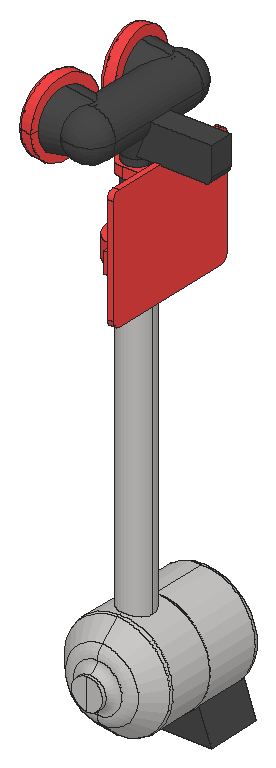
Revit family "Emergency_Equipment-Tepid-Swing_Down_Eye_Face_Wash-S2550", category Plumbing Fixtures, Revit 2016
Family settings
  Part Type = Normal
  Round Connector Dimension = Use Diameter
  OmniClass Number = 23.45.05.14.24
  OmniClass Title = Eye Wash Fountains
  Work Plane-Based = Yes
  Always vertical = No
  Cut with Voids When Loaded = No
  Shared = No
  Room Calculation Point = No
Parameters (values of type "S2550-NP-NFT")
  nsd [instance] = not([Swing Over / Actuate])  # no
  Width = 0' - 4 77/256"  # constant formula
  Waste Connection = no
  Version = "2016-v1.0a"  # constant formula
  Vent Connection = no
  URL = "www.tepid.com"
  Swing Over / Actuate [instance] = yes
  Product Page URL = "http://www.tepid.com/products/s2550-np-nft-nana/"
  Product Name = "Wall Mounted Swing Down Eyewash"  # constant formula
  Product Documentation Link = "http://www.tepid.com/wp-content/uploads/SpSh-S2250S2550.pdf"
  Pipe Finish = Metal - Stingray - Stainless Steel SS
  Model = "S2550-NP-NFT"
  Manufacturer Phone Number = "(888) 445-4142"  # constant formula
  Manufacturer Email = "customerservice@drenchshower.com"
  Manufacturer Address = "5330 East 25th Street Indianapolis Indiana 46218"  # constant formula
  Manufacturer = "Stingray Systems"  # constant formula
  Length = 1' - 3"  # constant formula
  Supply Connection = 1/2"  # constant formula
  Height = 1' - 2 179/256"  # constant formula
  HW Connection = yes
  Filter = no
  Dimension Disclaimer = "Dimensions are ±0.50”. Design and specifications are subject to change without notice."  # constant formula
  Description = "Swing Down Eyewash"  # constant formula
  Default Elevation = 4' - 0"
  Copyright = "© 2018 Stingray Systems"  # constant formula
  CW Connection = yes
  Angle [instance] = if([Swing Over / Actuate], 0.00°, 90.00°)  # 0.00°
Types (3): name | Model | Filter
  (no name) | "S2550-NP-NFT" | no
  S2550-NP-NFT | "S2550-NP-NFT" | no
  S2550-NP-FLT | "S2550-NP-FLT" | yes
Reference planes (in)
  plane 1 "Center (Front/Back)": y = 0
  plane 2: z = 0
  plane 3 "Center (Left/Right)": x = 0
  plane 4: y = 2.125
  plane 5: y = -2.125
  plane 6 "B": x = -2.1875
  plane 7 "T": x = 1.3125
  plane 8 "E": z = 13.87109
  plane 9 "C": z = 1.67188
  plane 10 "M": x = -22.1875
  plane 11: y = 2.17578
  plane 12: z = 14.69922
Forms (in)
  Extrusion 1, solid, material "Metal - Stingray - Epoxy Coated EP"
    sketch origin (0, 0, 0) x (1, 0, 0) y (0, 0, 1)
      loop
        line (1.3125, 0) -> (0.98438, 0.90149)
        arc (0.98438, 0.90149) -> (0, 0.42188) -> (-0.98438, 0.90149) r 1.25
        line (-0.98438, 0.90149) -> (-1.3125, 0) -> (1.3125, 0)
    from 0 to -1.35103
  Revolve 2, solid, material "Metal - Stingray - Stainless Steel SS" <- "Pipe Finish"
    sketch origin (0, 0, 0) x (0, 1, 0) y (0, 0, 1)
      loop
        line (-0.06386, 1.67187) -> (1.45575, 1.67187) -> (1.45575, 2.86447)
        arc (1.45575, 2.86447) -> (1.42148, 2.9472) -> (1.33876, 2.98146) r 0.11699
        line (1.33876, 2.98146) -> (-0.06386, 2.98146) -> (-0.06386, 1.67187)
      axis (1.45575, 1.67187) -> (-0.06386, 1.67187)
    angle from 0 to 360
Lines and regions (in)
  Masking region 1, visible <- "Swing Over / Actuate", detail levels medium+fine
    outline origin (-22.1875, 0, 0) x (0, 0, -1) y (0, -1, 0)
      loop
        line (-0.35937, -1.46819) -> (-0.35937, 1.21989) -> (-0.78072, 1.70254)
        arc (-0.78072, 1.70254) -> (-0.91524, 1.79752) -> (-1.07546, 1.83552) r 0.43385
        arc (-1.07546, 1.83552) -> (-1.22973, 1.9052) -> (-1.29286, 2.06226) r 0.22693
        line (-1.29286, 2.06226) -> (-1.29286, 2.12326) -> (-2.05089, 2.12326) -> (-2.05089, 2.06226)
        arc (-2.05089, 2.06226) -> (-2.11402, 1.9052) -> (-2.26829, 1.83552) r 0.22693
        arc (-2.26829, 1.83552) -> (-2.43824, 1.79298) -> (-2.57811, 1.68721) r 0.43385
        line (-2.57811, 1.68721) -> (-2.98438, 1.21985) -> (-2.98438, 1.07565) -> (-10.30174, 1.07565) -> (-10.30174, 1.14185) -> (-10.60905, 1.14185) -> (-10.60905, 1.58333) -> (-11.12109, 1.58333) -> (-11.12109, 1.14185) -> (-11.97262, 1.14185) -> (-11.97262, 0.97105) -> (-12.49018, 0.97105) -> (-12.49018, 1.07809) -> (-12.7432, 1.07809) -> (-12.7432, 0.97105) -> (-12.92104, 0.97105) -> (-13.23356, 1.0848)
        arc (-13.23356, 1.0848) -> (-13.86635, 2.74002) -> (-14.47205, 1.0747) r 0.94565
        line (-14.47205, 1.0747) -> (-14.47205, 0.21895)
        arc (-14.47205, 0.21895) -> (-13.85791, -1.4464) -> (-13.24631, 0.21989) r 0.94565
        line (-13.24631, 0.21989) -> (-12.90446, 0.34431) -> (-12.7432, 0.34431) -> (-12.7432, 0.23728) -> (-12.49018, 0.23728) -> (-12.49018, 0.34431) -> (-11.97262, 0.34431) -> (-11.97262, 0.17351) -> (-11.12109, 0.17351) -> (-11.12109, -0.26797) -> (-10.60905, -0.26797) -> (-10.60905, 0.17351) -> (-10.30174, 0.17351) -> (-10.30174, 0.24752) -> (-2.98438, 0.24752) -> (-2.98438, -1.46819) -> (-0.35937, -1.46819)
  Masking region 2, visible <- "Swing Over / Actuate", detail levels coarse
    outline origin (-22.1875, 0, 0) x (0, 0, -1) y (0, -1, 0)
      loop
        line (-0.35937, -1.46819) -> (-0.35937, 1.22884) -> (-1.25379, 2.12326) -> (-2.20687, 2.12326) -> (-2.98438, 1.22884) -> (-2.98438, 1.07565) -> (-12.91298, 1.07565) -> (-12.91298, 1.7944)
        arc (-12.91298, 1.7944) -> (-13.85863, 2.74005) -> (-14.80428, 1.7944) r 0.94565
        line (-14.80428, 1.7944) -> (-14.80428, -0.50075)
        arc (-14.80428, -0.50075) -> (-13.85863, -1.4464) -> (-12.91298, -0.50075) r 0.94565
        line (-12.91298, -0.50075) -> (-12.91298, 0.24752) -> (-2.98438, 0.24752) -> (-2.98438, -1.46819) -> (-0.35937, -1.46819)
  Masking region 3, visible <- "nsd"
    outline origin (0, 0, 0) x (0, 1, 0) y (0, 0, 1)
      loop
        line (1.46819, 0.35937) -> (1.46819, 2.98438) -> (-1.22884, 2.98438) -> (-1.7944, 2.49274) -> (-1.7944, 0.92493) -> (-1.22884, 0.35937) -> (1.46819, 0.35937)
  Masking region 4, visible <- "nsd", detail levels medium+fine
    outline origin (0, 0, 0) x (0, 1, 0) y (0, 0, 1)
      loop
        line (-0.83559, 0.62279) -> (-0.8707, 0.95678) -> (-1.13556, 0.92894) -> (-1.14482, 1.01704) -> (-0.18117, 1.01704) -> (-0.19003, 0.93272) -> (-0.41894, 0.95678) -> (-0.45405, 0.62269) -> (1.40574, 0.42722) -> (1.44084, 0.76121) -> (1.25835, 0.78039) -> (1.17153, 1.27279)
        arc (1.17153, 1.27279) -> (1.22676, 1.90108) -> (0.6909, 2.23372) r 0.60189
        line (0.6909, 2.23372) -> (-0.34578, 2.23372) -> (-0.34578, 3.73114) -> (-0.91652, 3.73114) -> (-0.91652, 2.23372) -> (-1.9815, 2.23372)
        arc (-1.9815, 2.23372) -> (-2.51736, 1.90108) -> (-2.46212, 1.27279) r 0.60189
        line (-2.46212, 1.27279) -> (-2.54895, 0.78039) -> (-2.73144, 0.76121) -> (-2.69633, 0.42722) -> (-0.83559, 0.62279)
  Masking region 5, visible <- "nsd", detail levels coarse
    outline origin (0, 0, 0) x (0, 1, 0) y (0, 0, 1)
      loop
        arc (-2.01468, 2.23057) -> (-2.58085, 1.64232) -> (-2.01657, 1.05227) r 0.58966
        line (-2.01657, 1.05227) -> (0.73855, 1.05227)
        arc (0.73855, 1.05227) -> (1.30283, 1.64232) -> (0.73666, 2.23057) r 0.58966
        line (0.73666, 2.23057) -> (-2.01468, 2.23057)
  Masking region 6, visible <- "nsd", detail levels fine
    outline origin (0, 0, 0) x (0, 1, 0) y (0, 0, 1)
      loop
        line (1.0866, 2.36116) -> (1.0866, 2.49274) -> (-0.34578, 2.49274) -> (-0.34578, 2.36116) -> (1.0866, 2.36116)
      loop
        line (-2.37516, 2.36116) -> (-0.91652, 2.36116) -> (-0.91652, 2.49274) -> (-2.37516, 2.49274) -> (-2.37516, 2.36116)
  Masking region 7, visible <- "Swing Over / Actuate", detail levels fine
    outline origin (0, 0, 0) x (0, 1, 0) y (0, 0, 1)
      loop
        line (1.07286, 10.02872) -> (1.07286, 13.02872) -> (-2.3889, 13.02872) -> (-2.3889, 10.02872) -> (1.07286, 10.02872)
  Masking region 8
    outline origin (0, 0, 0) x (0, 1, 0) y (0, 0, 1)
      loop
        line (1.35103, 0.35937) -> (0, 0.35937) -> (0, 0) -> (1.35103, 0) -> (1.35103, 0.35937)
  reference lines
    curve 1: line (0, 0, 1.67188) -> (-3.91029, 0, 1.67188)
    curve 2: line (0, 0, 1.67188) -> (0, 0, 9.17188)
  symbolic lines, visible <- "nsd", detail levels fine
    curve 3: line (0, 1.25835, 0.78039) -> (0, -0.19003, 0.93272)
    curve 4: line (0, -1.13556, 0.92894) -> (0, -2.54895, 0.78039)
    curve 5: line (0, -0.34578, 2.23372) -> (0, -0.91652, 2.23372)
  symbolic lines, visible <- "Swing Over / Actuate", detail levels fine
    curve 6: line (0, -0.07676, 2.98101) -> (0, -0.07676, 0.36274)
    curve 7: line (0, -0.2523, 2.98101) -> (0, -1.0648, 2.98101)
    curve 8: line (0, -0.17418, 10.60905) -> (0, -1.14293, 10.60905)
    curve 9: line (0, -1.14293, 11.12109) -> (0, -0.17418, 11.12109)
    curve 10: line (0, -0.34605, 12.7432) -> (0, -0.97105, 12.7432)
    curve 11: line (0, -0.97105, 12.49018) -> (0, -0.34605, 12.49018)
    curve 12: arc (0, -0.19028, 14.50417) -> (0, -0.4449, 13.85863) -> (0, -0.19028, 13.21309) r 0.94565
    curve 13: arc (0, -1.10336, 14.50417) -> (0, -0.84875, 13.85863) -> (0, -1.10336, 13.21309) r 0.94565
Dimensions and locks (in)
  equal spacing: plane 5, plane 1 "Center (Front/Back)", plane 4
  locked: plane 7 "T" to plane 3 "Center (Left/Right)" at 1.3125
  locked: plane 8 "E" to plane 9 "C" at 12.19922
  locked: plane 9 "C" to plane 2 at 1.67188
  Extrusion 1 sketch curve to Extrusion 1 sketch curve to plane 3 "Center (Left/Right)" to Extrusion 1 sketch curve to Extrusion 1 sketch curve = 0' - 0 21/64" locked, 0' - 0 63/64" locked, 0' - 0 63/64" locked, 0' - 0 21/64" locked
  Extrusion 1 sketch curve to Extrusion 1 sketch curve to plane 2 to Extrusion 1 sketch curve = 0' - 0" locked, 0' - 0.90149" locked, 0' - 0" locked
  locked: Extrusion 1 to plane 1 "Center (Front/Back)" at 1.35103
  Revolve 2 sketch curve to plane 1 "Center (Front/Back)" to Revolve 2 sketch curve to Revolve 2 sketch curve = 0' - 0.06386" locked, 0' - 1.33876" locked, 0' - 0.11699" locked
  Revolve 2 sketch curve to Revolve 2 sketch curve to plane 9 "C" to Revolve 2 sketch curve = 0' - 0.11699" locked, 0' - 1.1926" locked, 0' - 0" locked
  locked: plane 10 "M" to plane 3 "Center (Left/Right)" at 22.1875
  "Width": plane 11 to plane 5
  locked: curve 2 to curve 1 (angle 90.00°)
  "Angle": angle plane 3 "Center (Left/Right)" to curve 2
  aligned and locked: plane 2 to level
  aligned and locked: plane 9 "C" to Extrusion 1 sketch curve
  aligned and locked: plane 9 "C" to curve 1
  aligned and locked: plane 3 "Center (Left/Right)" to curve 1
  aligned and locked: plane 1 "Center (Front/Back)" to Extrusion 1
Automatic sketch dimensions
  Extrusion 1 sketch curve to Extrusion 1 sketch curve = 0' - 0"
  Masking region 3 sketch curve to plane 4 = 0' - 3.9194"
  Masking region 3 sketch curve to Masking region 3 sketch curve = 0' - 0.56556"  (x3)
  Masking region 3 sketch curve to Masking region 3 sketch curve = 0' - 2.69703"
  Masking region 3 sketch curve to plane 9 "C" = 0' - 1 5/16"
  Masking region 3 sketch curve to Masking region 3 sketch curve = 0' - 1.56781"
  Masking region 3 sketch curve to Masking region 3 sketch curve = 0' - 0.49163"
  plane 5 to Masking region 4 sketch curve = 0' - 0.60644"
  Masking region 4 sketch curve to plane 9 "C" = 0' - 1.24465"
  Masking region 4 sketch curve to Masking region 4 sketch curve = 0' - 0.0351"
  Masking region 4 sketch curve to Masking region 4 sketch curve = 0' - 0.18249"  (x2)
  Masking region 4 sketch curve to Masking region 4 sketch curve = 0' - 0.08682"  (x2)
  Masking region 4 sketch curve to Masking region 4 sketch curve = 0' - 0.48063"
  Masking region 4 sketch curve to Masking region 4 sketch curve = 0' - 0.48308"  (x2)
  Masking region 4 sketch curve to Masking region 4 sketch curve = 0' - 0.83423"
  Masking region 4 sketch curve to plane 9 "C" = 0' - 0.74293"
  Masking region 4 sketch curve to Masking region 4 sketch curve = 0' - 0.00926"
  Masking region 4 sketch curve to Masking region 4 sketch curve = 0' - 1.06498"
  Masking region 4 sketch curve to Masking region 4 sketch curve = 0' - 0.26486"
  level to Masking region 4 sketch curve = 0' - 0.62279"
  Masking region 4 sketch curve to Masking region 4 sketch curve = 0' - 0.38155"
  Masking region 4 sketch curve to plane 9 "C" = 0' - 0.7151"
  Masking region 4 sketch curve to Masking region 4 sketch curve = 0' - 0.03511"
  Masking region 4 sketch curve to Masking region 4 sketch curve = 0' - 0.57074"
  Masking region 4 sketch curve to Masking region 4 sketch curve = 0' - 0.2289"
  Masking region 4 sketch curve to Masking region 4 sketch curve = 0' - 0.00886"
  Masking region 4 sketch curve to Masking region 4 sketch curve = 0' - 0.86962"
  Masking region 4 sketch curve to Masking region 4 sketch curve = 0' - 0.00245"
  Masking region 4 sketch curve to Masking region 4 sketch curve = 0' - 0.14738"
  Masking region 4 sketch curve to Masking region 4 sketch curve = 0' - 0.4924"  (x2)
  Masking region 4 sketch curve to Masking region 4 sketch curve = 0' - 0.35904"  (x2)
  Masking region 4 sketch curve to Masking region 4 sketch curve = 0' - 1.49742"
  Masking region 5 sketch curve to plane 4 = 0' - 4.14157"
  Masking region 5 sketch curve to Masking region 5 sketch curve = 0' - 0.00189"
  Masking region 5 sketch curve to Masking region 5 sketch curve = 0' - 0.02349"  (x2)
  Masking region 5 sketch curve to Masking region 5 sketch curve = 0' - 2.70436"
  Masking region 5 sketch curve to Masking region 5 sketch curve = 0' - 0.02538"
  Masking region 5 sketch curve to plane 9 "C" = 0' - 0.61961"
  Masking region 5 sketch curve to Masking region 5 sketch curve = 0' - 0.58911"
  plane 5 to Masking region 6 sketch curve = 0' - 0.25016"
  Masking region 6 sketch curve to plane 5 = 0' - 1.20848"
  Masking region 6 sketch curve to plane 5 = 0' - 1.77922"
  Masking region 6 sketch curve to plane 5 = 0' - 3.2116"
  plane 9 "C" to Masking region 6 sketch curve = 0' - 0.68929"
  Masking region 6 sketch curve to Masking region 6 sketch curve = 0' - 0"
  Masking region 6 sketch curve to Masking region 6 sketch curve = 0' - 0.13158"  (x2)
  plane 5 to Masking region 7 sketch curve = 0' - 0.2639"
  Masking region 7 sketch curve to plane 4 = 0' - 1.05214"
  Masking region 7 sketch curve to plane 8 "E" = 0' - 3.84237"
  Masking region 7 sketch curve to plane 8 "E" = 0' - 0.84237"
  curve 13 to plane 8 "E" = 0' - 0.01246"
  curve 13 to plane 5 = 0' - 0.3306"
  curve 12 to plane 8 "E" = 0' - 0.01246"
  curve 12 to plane 1 "Center (Front/Back)" = 0' - 0.50075"
  curve 13 to curve 13 = 0' - 0.69104"  (x2)
  plane 5 to curve 4 = 0' - 0.42395"
  curve 9 to plane 5 = 0' - 0.98207"
  curve 8 to curve 9 = 0' - 0"
  curve 4 to plane 5 = 0' - 0.98944"
  curve 7 to plane 5 = 0' - 1.0602"
  plane 1 "Center (Front/Back)" to curve 10 = 0' - 0.97105"
  curve 11 to curve 10 = 0' - 0"
  curve 7 to curve 5 = 0' - 0.14828"
  plane 1 "Center (Front/Back)" to curve 11 = 0' - 0.34605"
  curve 10 to curve 11 = 0' - 0"
  plane 1 "Center (Front/Back)" to curve 5 = 0' - 0.34578"
  plane 1 "Center (Front/Back)" to curve 7 = 0' - 0.2523"
  plane 1 "Center (Front/Back)" to curve 12 = 0' - 0.19028"  (x2)
  plane 1 "Center (Front/Back)" to curve 3 = 0' - 0.19003"
  plane 1 "Center (Front/Back)" to curve 9 = 0' - 0.17418"
  plane 1 "Center (Front/Back)" to curve 8 = 0' - 0.17418"
  plane 1 "Center (Front/Back)" to curve 6 = 0' - 0.07676"
  curve 3 to plane 4 = 0' - 0.86665"
  curve 13 to plane 8 "E" = 0' - 0.658"
  curve 12 to plane 8 "E" = 0' - 0.658"
  curve 10 to curve 12 = 0' - 0.46989"
  curve 11 to curve 10 = 0' - 0.25302"
  curve 9 to curve 11 = 0' - 1.36909"
  curve 8 to curve 9 = 0' - 0.51204"
  plane 9 "C" to curve 7 = 0' - 1.30913"
  curve 7 to curve 6 = 0' - 0"
  plane 9 "C" to curve 5 = 0' - 0.56185"
  curve 3 to plane 9 "C" = 0' - 0.73915"
  curve 4 to plane 9 "C" = 0' - 0.74293"
  level to curve 3 = 0' - 0.78039"
  level to curve 4 = 0' - 0.78039"
  level to curve 6 = 0' - 0.36274"
  Revolve 2 sketch curve to plane 1 "Center (Front/Back)" = 0' - 0"
  Revolve 2 sketch curve to plane 4 = 0' - 0"
  Revolve 2 sketch curve to plane 9 "C" = 0' - 0"
  plane 8 "E" to Masking region 1 sketch curve = 0' - 0.60096"
  Masking region 1 sketch curve to plane 8 "E" = 0' - 0.01246"  (x2)
  plane 1 "Center (Front/Back)" to Masking region 1 sketch curve = 0' - 0.21989"
  Masking region 1 sketch curve to plane 8 "E" = 0' - 0.62478"
  Masking region 1 sketch curve to plane 8 "E" = 0' - 0.63754"
  Masking region 1 sketch curve to Masking region 1 sketch curve = 0' - 0 5/16"
  Masking region 1 sketch curve to Masking region 1 sketch curve = 0' - 0.34186"
  Masking region 1 sketch curve to Masking region 1 sketch curve = 0' - 0.17783"
  Masking region 1 sketch curve to Masking region 1 sketch curve = 0' - 0.16125"
  Masking region 1 sketch curve to Masking region 1 sketch curve = 0' - 0.25302"  (x2)
  Masking region 1 sketch curve to Masking region 1 sketch curve = 0' - 0.51756"  (x2)
  plane 1 "Center (Front/Back)" to Masking region 1 sketch curve = 0' - 0.17351"  (x2)
  Masking region 1 sketch curve to Masking region 1 sketch curve = 0' - 0.85153"  (x2)
  Masking region 1 sketch curve to Masking region 1 sketch curve = 0' - 0.51204"  (x2)
  Masking region 1 sketch curve to Masking region 1 sketch curve = 0' - 0.30731"  (x2)
  plane 9 "C" to Masking region 1 sketch curve = 0' - 1 5/16"
  Masking region 1 sketch curve to Masking region 1 sketch curve = 0' - 0"  (x5)
  Masking region 1 sketch curve to plane 5 = 0' - 0.06274"  (x2)
  plane 9 "C" to Masking region 1 sketch curve = 0' - 0.60594"
  plane 9 "C" to Masking region 1 sketch curve = 0' - 0.57821"
  Masking region 1 sketch curve to plane 5 = 0' - 0.00174"
  Masking region 1 sketch curve to Masking region 1 sketch curve = 0' - 0.22693"  (x2)
  Masking region 1 sketch curve to plane 9 "C" = 0' - 0.37901"
  Masking region 1 sketch curve to plane 9 "C" = 0' - 0.57821"
  Masking region 1 sketch curve to plane 5 = 0' - 0.42246"
  Masking region 1 sketch curve to Masking region 1 sketch curve = 0' - 0.31295"
  level to Masking region 1 sketch curve = 0' - 0 23/64"
  Masking region 1 sketch curve to plane 1 "Center (Front/Back)" = 0' - 0.26797"
  Masking region 1 sketch curve to plane 1 "Center (Front/Back)" = 0' - 0.50075"
  Masking region 1 sketch curve to plane 4 = 0' - 0.65681"
  plane 1 "Center (Front/Back)" to Masking region 1 sketch curve = 0' - 0.23728"
  plane 1 "Center (Front/Back)" to Masking region 1 sketch curve = 0' - 0.24752"
  Masking region 1 sketch curve to Masking region 1 sketch curve = 0' - 0.10703"  (x3)
  Masking region 1 sketch curve to Masking region 1 sketch curve = 0' - 0.62674"
  Masking region 1 sketch curve to Masking region 1 sketch curve = 0' - 0.85575"
  Masking region 1 sketch curve to Masking region 1 sketch curve = 0' - 0 53/64"
  Masking region 1 sketch curve to Masking region 1 sketch curve = 0' - 0.11375"
  Masking region 1 sketch curve to Masking region 1 sketch curve = 0' - 0.0662"
  Masking region 1 sketch curve to Masking region 1 sketch curve = 0' - 0.1708"
  Masking region 1 sketch curve to Masking region 1 sketch curve = 0' - 0.1442"
  Masking region 1 sketch curve to Masking region 1 sketch curve = 0' - 0.48265"
  Masking region 1 sketch curve to Masking region 1 sketch curve = 0' - 0.6602"
  Masking region 1 sketch curve to Masking region 1 sketch curve = 0' - 0.30048"
  Masking region 1 sketch curve to Masking region 1 sketch curve = 0' - 0.44148"
  Masking region 1 sketch curve to plane 5 = 0' - 0.43779"
  Masking region 1 sketch curve to Masking region 1 sketch curve = 0' - 0.30982"
  Masking region 1 sketch curve to Masking region 1 sketch curve = 0' - 0.0006"
  Masking region 2 sketch curve to plane 5 = 0' - 0.3306"
  plane 8 "E" to Masking region 2 sketch curve = 0' - 0.93319"
  Masking region 2 sketch curve to plane 8 "E" = 0' - 0.01246"  (x2)
  plane 1 "Center (Front/Back)" to Masking region 2 sketch curve = 0' - 0.24752"
  plane 9 "C" to Masking region 2 sketch curve = 0' - 1 5/16"
  Masking region 2 sketch curve to Masking region 2 sketch curve = 0' - 0"
  Masking region 2 sketch curve to plane 5 = 0' - 0.00174"
  plane 9 "C" to Masking region 2 sketch curve = 0' - 0.53499"
  Masking region 2 sketch curve to plane 9 "C" = 0' - 0.41808"
  level to Masking region 2 sketch curve = 0' - 0 23/64"
  Masking region 2 sketch curve to plane 1 "Center (Front/Back)" = 0' - 0.50075"
  Masking region 2 sketch curve to plane 4 = 0' - 0.65681"
  Masking region 2 sketch curve to Masking region 2 sketch curve = 0' - 0 53/64"
  Masking region 2 sketch curve to Masking region 2 sketch curve = 0' - 0.15319"
  Masking region 2 sketch curve to plane 5 = 0' - 0.89616"
  Masking region 8 sketch curve to plane 1 "Center (Front/Back)" = 0' - 0"
  Masking region 8 sketch curve to level = 0' - 0"
  Masking region 8 sketch curve to plane 4 = 0' - 0.77397"
  level to Masking region 8 sketch curve = 0' - 0 23/64"
Nested families (in)
  nested 1: "Swing_Down_Eye_Wash" at (0, -0.65855, 1.67188) x (-1, 0, 0) z (0, 0, 1), type "Swing Down Eyewash"
Connectors (in)
  piping at (0, 0.67552, 0), diameter 0.5, driven by "Supply Connection"
    settings: on Extrusion 1, index 1, connector inside diameter 24", connector length 0' - 0", flow factor 0, pipe flow 0 GPM, pressure drop 0.00 psi, fitting loss kfactor 0, connector angle 0.00°, fixture units 0, engagement length 0' - 0", angle of deflection 0.00°, flow configuration 0, flow direction 1, fitting loss method 0, system type 22, joint type 0, gender type 0, connector reference index -1, connector utility 0, adjustable connector no, is connector primary yes, connector description "Supply COnnection"
Definition of nested family "Swing_Down_Eye_Wash"
  Parameters (values of type "Swing Down Eyewash")
    nab = not(AB)  # yes
    Width = 0' - 4 1/4"  # constant formula
    Waste Connection = yes
    Version = "2015 v1.0a"  # constant formula
    Vent Connection = no
    URL = "www.tepid.com"
    Product Page URL = ""
    Product Name = ""
    Product Documentation Link = ""
    Pipe Finish = none
    Model = ""
    Manufacturer Phone Number = "(888) 445-4142"  # constant formula
    Manufacturer Email = ""
    Manufacturer Address = "5330 East 25th Street Indianapolis Indiana 46218"  # constant formula
    Manufacturer = "Stingray Systems"  # constant formula
    Length offset = 0' - 9 25/64"  # constant formula
    Length = 1' - 0 51/256"  # constant formula
    Supply Connection = 1"  # constant formula
    Height = 0' - 3 1/2"  # constant formula
    HW Connection = yes
    Drain Connection = 1"  # constant formula
    Description = ""
    Default Elevation = 4' - 0"
    Copyright = "© 2018 Stingray Systems"  # constant formula
    CW Connection = yes
    C Pipe = if(Length = 2' 0", 0' 2 143/256", if(Length = 1' 2", 0' 1 43/64", 0' 2 143/256"))  # 0' - 2 143/256"
    Base Finish = none
    AB = no
  Reference planes (in)
    plane 1 "Center (Front/Back)": y = 0
    plane 2: z = 0
    plane 3 "Center (Left/Right)": x = 0
    plane 4: y = 2.125
    plane 5: y = -2.125
    plane 6 "B": x = -2.1875
    plane 7 "T": x = 1.3125
    plane 8 "c": z = 12.19922
    plane 9 "Rotate": y = -0.58179
  Forms (in)
    Revolve 1, solid, material <- "Pipe Finish"
      sketch origin (-34.84512, 0, 4.60977) x (0, 0, -1) y (1, 0, 0)
        loop
          line (-7.46116, 34.84512) -> (4.60977, 34.84512) -> (4.60977, 35.25137) -> (-4.02009, 35.25137) -> (-4.02009, 35.32949) -> (-5.62613, 35.32949) -> (-5.69097, 35.26465) -> (-5.69097, 35.15762) -> (-6.62281, 35.15762) -> (-7.46116, 35.39328) -> (-7.46116, 34.84512)
        axis (-7.46116, 34.84512) -> (4.60977, 34.84512)
      angle from 0 to 360
    Extrusion 2, solid
      sketch origin (-3.27861, 0.125, 4.34494) x (0, 0, -1) y (0, -1, 0)
        loop
          arc (-7.0119, -1.41501) -> (-6.95615, -1.5496) -> (-6.82157, -1.60535) r 0.19034
          line (-6.82157, -1.60535) -> (-4.20331, -1.60535)
          arc (-4.20331, -1.60535) -> (-4.06796, -1.54929) -> (-4.0119, -1.41394) r 0.19141
          line (-4.0119, -1.41394) -> (-4.0119, 1.66501)
          arc (-4.0119, 1.66501) -> (-4.06796, 1.80035) -> (-4.20331, 1.85642) r 0.19141
          line (-4.20331, 1.85642) -> (-6.8205, 1.85642)
          arc (-6.8205, 1.85642) -> (-6.95584, 1.80035) -> (-7.0119, 1.66501) r 0.19141
          line (-7.0119, 1.66501) -> (-7.0119, -1.41501)
      from -2.45774 to -2.602
    Revolve 3, solid
      sketch origin (-2.90051, 0, 12.19922) x (-1, 0, 0) y (0, -1, 0)
        loop
          arc (-2.95092, -1.94028) -> (-2.52185, -1.76255) -> (-2.34412, -1.33348) r 0.6068
          line (-2.34412, -1.33348) -> (-2.34412, 1.33348)
          arc (-2.34412, 1.33348) -> (-2.52185, 1.76255) -> (-2.95092, 1.94028) r 0.6068
          line (-2.95092, 1.94028) -> (-2.95092, -1.94028)
        axis (-2.95092, -1.94028) -> (-2.95092, 1.94028)
      angle from 0 to 360
    Revolve 4, solid
      sketch origin (-2.79114, -0.0625, 12.19922) x (-1, 0, 0) y (0, -1, 0)
        loop
          line (-3.93804, 1.05865) -> (-3.84677, 0.19025)
          arc (-3.84677, 0.19025) -> (-3.81004, 0.15126) -> (-3.75844, 0.13688) r 0.09978
          line (-3.75844, 0.13688) -> (-3.50627, 0.16338) -> (-3.60406, 1.09375) -> (-3.93804, 1.05865)
        axis (-3.60406, 1.09375) -> (-3.93804, 1.05865)
      angle from 0 to 360
    Revolve 5, solid
      sketch origin (-2.79114, 0.0625, 12.19922) x (-1, 0, 0) y (0, 1, 0)
        loop
          line (-3.93804, 1.05865) -> (-3.84677, 0.19025)
          arc (-3.84677, 0.19025) -> (-3.81004, 0.15126) -> (-3.75844, 0.13688) r 0.09978
          line (-3.75844, 0.13688) -> (-3.50627, 0.16338) -> (-3.60406, 1.09375) -> (-3.93804, 1.05865)
        axis (-3.60406, 1.09375) -> (-3.93804, 1.05865)
      angle from 0 to 360
    SweptBlend 6, solid
      path origin (-2.90051, 0, 0) x (1, 0, 0) y (0, 0, 1)
        loop
          line (2.90051, 12.19922) -> (3.81611, 12.19922)
      profile origin (0, 0, 12.19922) x (0, 0, 1) y (0, -1, 0)
        loop
          circle (0, -1.15926) r 0.59209
      end profile origin (0.9156, 0, 12.19922) x (0, 0, 1) y (0, -1, 0)
        loop
          circle (0, -1.18828) r 0.72537
    SweptBlend 7, solid
      path origin (-2.90051, 0, 0) x (1, 0, 0) y (0, 0, 1)
        loop
          line (2.90051, 12.19922) -> (3.81611, 12.19922)
      profile origin (0, 0, 12.19922) x (0, 0, 1) y (0, -1, 0)
        loop
          circle (0, 1.17623) r 0.59209
      end profile origin (0.9156, 0, 12.19922) x (0, 0, 1) y (0, -1, 0)
        loop
          circle (0, 1.14721) r 0.72537
    Revolve 8, solid, material <- "Pipe Finish"
      sketch origin (0, 0, 0) x (0, 1, 0) y (0, 0, 1)
        loop
          line (-0.58179, 0) -> (-0.58179, -1.30913) -> (0.5, -1.30913)
          arc (0.5, -1.30913) -> (0.54181, -1.3032) -> (0.58118, -1.28792) r 0.18435
          line (0.58118, -1.28792) -> (1.03724, -0.89023)
          arc (1.03724, -0.89023) -> (1.13933, -0.75781) -> (1.18278, -0.59635) r 0.42729
          arc (1.18278, -0.59635) -> (1.25823, -0.43978) -> (1.42117, -0.37929) r 0.23246
          line (1.42117, -0.37929) -> (1.50178, -0.37929) -> (1.50178, 0) -> (-0.58179, 0)
        axis (-0.58179, 0) -> (1.50178, 0)
      angle from 0 to 360
    Extrusion 9, solid
      sketch origin (0, 0.125, 5.37709) x (-1, 0, 0) y (0, -1, 0)
        loop
          arc (-0.04972, 0.79978) -> (-0.67661, 0.125) -> (-0.04972, -0.54978) r 0.67661
          line (-0.04972, -0.54978) -> (-0.04972, -0.79978) -> (0.67661, -0.79978) -> (0.67661, 1.04978) -> (-0.04972, 1.04978) -> (-0.04972, 0.79978)
        loop
          circle (0, 0.125) r 0.48438
      from 3.56009 to 4.07213
    Extrusion 10, solid
      sketch origin (0, 0, 5.37709) x (-1, 0, 0) y (0, -1, 0)
        loop
          arc (0, 0.41953) -> (-0.41953, 0) -> (0, -0.41953) r 0.41953
          line (0, -0.41953) -> (0.67661, -0.41953) -> (0.67661, 0.41953) -> (0, 0.41953)
        loop
          circle (0, 0) r 0.3125
      from 5.44121 to 5.69424
    Extrusion 11, solid
      sketch origin (0, 0, 0) x (1, 0, 0) y (0, 0, 1)
        loop
          line (0, 12.19922) -> (-2.05923, 12.19922) -> (-2.05923, 11.49351)
          arc (-2.05923, 11.49351) -> (-2.00745, 11.36851) -> (-1.88245, 11.31673) r 0.17678
          line (-1.88245, 11.31673) -> (0, 11.31673) -> (0, 12.19922)
      from -0.27171 to 0.29904
  Cuts and joins
    joined: Revolve 1, Revolve 8
    joined: Extrusion 2, Extrusion 9, Extrusion 10
    joined: Revolve 3, Extrusion 11
  Dimensions and locks (in)
    "Width": plane 4 to plane 5
    equal spacing: plane 5, plane 1 "Center (Front/Back)", plane 4
    "Height": plane 7 "T" to plane 6 "B"
    locked: plane 7 "T" to plane 3 "Center (Left/Right)" at 1.3125
    "Length": plane 8 "c" to plane 2
    Revolve 1 sketch curve to Revolve 1 sketch curve to Revolve 1 sketch curve to Revolve 1 sketch curve to Revolve 1 sketch curve to Revolve 1 sketch curve to Revolve 1 sketch curve to plane 3 "Center (Left/Right)" = 0' - 0.06379" locked, 0' - 0.06484" locked, 0' - 0.01328" locked, 0' - 0 3/32" locked, 0' - 0 5/16" locked, 0' - 0" locked, 0' - 0" locked
    plane 8 "c" to Revolve 1 sketch curve to Revolve 1 sketch curve to Revolve 1 sketch curve to Revolve 1 sketch curve to Revolve 1 sketch curve = 0' - 0.12829" locked, 0' - 0.83835" locked, 0' - 0.93184" locked, 0' - 0.06484" locked, 0' - 1.60604" locked
    Extrusion 2 sketch curve to Extrusion 2 sketch curve to Extrusion 2 sketch curve to plane 1 "Center (Front/Back)" to Extrusion 2 sketch curve to Extrusion 2 sketch curve to Extrusion 2 sketch curve = 0' - 0 49/256" locked, 0' - 0" locked, 0' - 1.54001" locked, 0' - 1.53894" locked, 0' - 0.00107" locked, 0' - 0.19034" locked
    Extrusion 2 sketch curve to Extrusion 2 sketch curve to Extrusion 2 sketch curve to Extrusion 2 sketch curve to Extrusion 2 sketch curve to Extrusion 2 sketch curve to plane 8 "c" = 0' - 0 49/256" locked, 0' - 0" locked, 0' - 2 79/128" locked, 0' - 0.00107" locked, 0' - 0.19034" locked, 0' - 0.84237" locked
    Revolve 3 sketch curve to plane 3 "Center (Left/Right)" to Revolve 3 sketch curve to Revolve 3 sketch curve = 0' - 0.55639" locked, 0' - 0.0504" locked, 0' - 0" locked
    Revolve 3 sketch curve to Revolve 3 sketch curve to plane 1 "Center (Front/Back)" to Revolve 3 sketch curve to Revolve 3 sketch curve = 0' - 0.6068" locked, 0' - 1.33348" locked, 0' - 1.33348" locked, 0' - 0.6068" locked
    SweptBlend 7 sketch curve to SweptBlend 7 sketch curve to plane 3 "Center (Left/Right)" = 0' - 0.9156" locked, 0' - 0" locked
    locked: plane 1 "Center (Front/Back)" to SweptBlend 7 sketch curve at 1.17623
    locked: plane 1 "Center (Front/Back)" to SweptBlend 7 sketch curve at 1.14721
    SweptBlend 6 sketch curve to SweptBlend 6 sketch curve to plane 3 "Center (Left/Right)" = 0' - 0.9156" locked, 0' - 0" locked
    locked: SweptBlend 6 sketch curve to plane 1 "Center (Front/Back)" at 1.15926
    locked: SweptBlend 6 sketch curve to plane 1 "Center (Front/Back)" at 1.18828
    plane 1 "Center (Front/Back)" to Revolve 5 sketch curve to Revolve 5 sketch curve to Revolve 5 sketch curve to Revolve 5 sketch curve to Revolve 5 sketch curve = 0' - 0.19938" locked, 0' - 0.0265" locked, 0' - 0.02687" locked, 0' - 0.86839" locked, 0' - 0.0351" locked
    plane 3 "Center (Left/Right)" to Revolve 5 sketch curve to Revolve 5 sketch curve to Revolve 5 sketch curve to Revolve 5 sketch curve to Revolve 5 sketch curve = 0' - 0.71513" locked, 0' - 0.09779" locked, 0' - 0.15438" locked, 0' - 0.08833" locked, 0' - 0.09127" locked
    Revolve 4 sketch curve to Revolve 4 sketch curve to Revolve 4 sketch curve to Revolve 4 sketch curve to Revolve 4 sketch curve to plane 1 "Center (Front/Back)" = 0' - 0.0351" locked, 0' - 0.86839" locked, 0' - 0.02687" locked, 0' - 0.0265" locked, 0' - 0.19938" locked
    plane 3 "Center (Left/Right)" to Revolve 4 sketch curve to Revolve 4 sketch curve to Revolve 4 sketch curve to Revolve 4 sketch curve to Revolve 4 sketch curve = 0' - 0.71513" locked, 0' - 0.09779" locked, 0' - 0.15438" locked, 0' - 0.08833" locked, 0' - 0.09127" locked
    cut or joined group of Revolve 3, Extrusion 11 to plane 1 "Center (Front/Back)" to cut or joined group of Revolve 3, Extrusion 11 = 0' - 0.29904" locked, 0' - 0.27171" locked
    plane 8 "c" to cut or joined group of Extrusion 2, Extrusion 9, Extrusion 10 to cut or joined group of Extrusion 2, Extrusion 9, Extrusion 10 to Extrusion 9 to Extrusion 9 = 0' - 1.12789" locked, 0' - 0.25302" locked, 0' - 1.36909" locked, 0' - 0.51204" locked
    plane 3 "Center (Left/Right)" to cut or joined group of Extrusion 2, Extrusion 9, Extrusion 10 to cut or joined group of Extrusion 2, Extrusion 9, Extrusion 10 = 0' - 0.67661" locked, 0' - 0.14426" locked
    Extrusion 9 sketch curve to Extrusion 9 sketch curve to plane 1 "Center (Front/Back)" to Extrusion 9 sketch curve to Extrusion 9 sketch curve = 0' - 0 1/4" locked, 0' - 0.67478" locked, 0' - 0.67478" locked, 0' - 0 1/4" locked
    Extrusion 9 sketch curve to plane 3 "Center (Left/Right)" to Extrusion 9 sketch curve to Extrusion 9 sketch curve = 0' - 0.67661" locked, 0' - 0.04972" locked, 0' - 0" locked
    cut or joined group of Extrusion 2, Extrusion 9, Extrusion 10 to plane 1 "Center (Front/Back)" to cut or joined group of Extrusion 2, Extrusion 9, Extrusion 10 = 0' - 0.41953", 0' - 0.41953"
    Extrusion 10 sketch curve to plane 1 "Center (Front/Back)" to Extrusion 10 sketch curve = 0' - 0.41953" locked, 0' - 0.41953" locked
    locked: Extrusion 10 sketch curve to plane 3 "Center (Left/Right)" at 0.67661
    plane 8 "c" to Extrusion 11 sketch curve to Extrusion 11 sketch curve to Extrusion 11 sketch curve = 0' - 0" locked, 0' - 0.70571" locked, 0' - 0.17678" locked
    plane 3 "Center (Left/Right)" to Extrusion 11 sketch curve to Extrusion 11 sketch curve to Extrusion 11 sketch curve = 0' - 0" locked, 0' - 1.88245" locked, 0' - 0.17678" locked
    aligned and locked: plane 2 to level
    aligned and locked: SweptBlend 7 sketch curve to plane 8 "c"
    aligned and locked: plane 8 "c" to SweptBlend 7 sketch curve  (x2)
    aligned and locked: SweptBlend 6 sketch curve to plane 8 "c"
    aligned and locked: plane 8 "c" to SweptBlend 6 sketch curve  (x2)
    aligned and locked: plane 1 "Center (Front/Back)" to Revolve 8 sketch curve
    aligned and locked: plane 2 to Revolve 8 sketch curve
    aligned and locked: plane 4 to Revolve 8 sketch curve
    aligned and locked: plane 2 to Revolve 1 sketch curve
    aligned and locked: plane 1 "Center (Front/Back)" to Extrusion 9 sketch curve
    aligned and locked: plane 3 "Center (Left/Right)" to Extrusion 9 sketch curve  (x2)
    aligned and locked: plane 1 "Center (Front/Back)" to Extrusion 10 sketch curve
    aligned and locked: plane 3 "Center (Left/Right)" to Extrusion 10 sketch curve  (x2)
    aligned and locked: cut or joined group of Revolve 1, Revolve 8 to plane 9 "Rotate"
  Automatic sketch dimensions
    Revolve 3 sketch curve to Revolve 3 sketch curve = 0' - 0.04204"
    Revolve 3 sketch curve to Revolve 3 sketch curve = 0' - 0.01108"
    plane 1 "Center (Front/Back)" to Revolve 4 sketch curve = 0' - 1.12115"
    Revolve 4 sketch curve to Revolve 4 sketch curve = 0' - 0"  (x2)
    plane 1 "Center (Front/Back)" to Revolve 4 sketch curve = 0' - 1 5/32"
    plane 1 "Center (Front/Back)" to Revolve 5 sketch curve = 0' - 1.12115"
    Revolve 5 sketch curve to Revolve 5 sketch curve = 0' - 0"  (x2)
    plane 1 "Center (Front/Back)" to Revolve 5 sketch curve = 0' - 1 5/32"
    Revolve 8 sketch curve to level = 0' - 0"
    plane 1 "Center (Front/Back)" to Revolve 8 sketch curve = 0' - 0.58179"
    Revolve 8 sketch curve to plane 1 "Center (Front/Back)" = 0' - 0.4952"
    Revolve 8 sketch curve to Revolve 8 sketch curve = 0' - 0.0048"
    Revolve 8 sketch curve to Revolve 8 sketch curve = 0' - 0.08118"
    Revolve 8 sketch curve to Revolve 8 sketch curve = 0' - 0.26122"
    Revolve 8 sketch curve to Revolve 8 sketch curve = 0' - 0.28082"
    Revolve 8 sketch curve to Revolve 8 sketch curve = 0' - 0.37749"
    Revolve 8 sketch curve to Revolve 8 sketch curve = 0' - 0.00644"
    Revolve 8 sketch curve to Revolve 8 sketch curve = 0' - 0.08061"
    Revolve 8 sketch curve to level = 0' - 0.37929"
    Revolve 8 sketch curve to level = 0' - 0.56818"
    Revolve 8 sketch curve to Revolve 8 sketch curve = 0' - 0.23237"
    Revolve 8 sketch curve to Revolve 8 sketch curve = 0' - 0.29388"
    Revolve 8 sketch curve to Revolve 8 sketch curve = 0' - 0.23462"
    Revolve 8 sketch curve to Revolve 8 sketch curve = 0' - 0.16307"
    plane 8 "c" to Revolve 1 sketch curve = 0' - 2 127/256"
    level to Revolve 1 sketch curve = 0' - 2 127/256"
    Extrusion 10 sketch curve to plane 3 "Center (Left/Right)" = 0' - 0"
    radius of SweptBlend 6 sketch curve = 0' - 0.59209"
    radius of SweptBlend 6 sketch curve = 0' - 0.72537"
    radius of SweptBlend 7 sketch curve = 0' - 0.59209"
    radius of SweptBlend 7 sketch curve = 0' - 0.72537"
    radius of Extrusion 9 sketch curve = 0' - 0 31/64"
    radius of Extrusion 10 sketch curve = 0' - 0 5/16"
